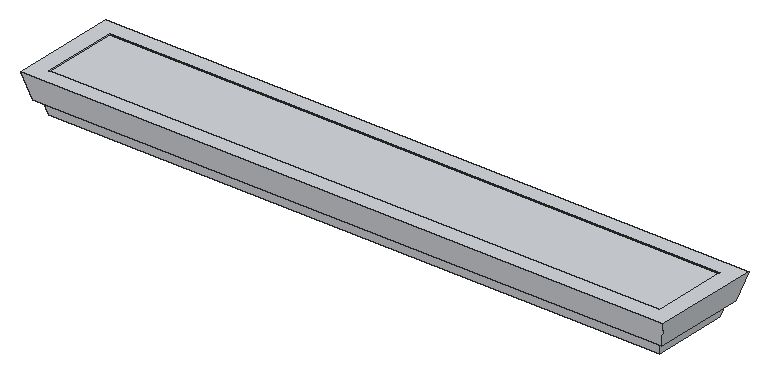
Revit family "EURS_63_LF_FB_FlexBlend SM340C L1200_PHI", category Lighting Fixtures, host Face, Revit 2016
Family settings
  Host = Face
  Part Type = Normal
  Round Connector Dimension = Use Diameter
  Cut with Voids When Loaded = No
  Light Source = No
  Shared = Yes
  Room Calculation Point = No
Parameters (values of type "Type catalog")
  Width = 200 mm
  Voltage (V) = 230 V
  Visibility 2D symbol [instance] = yes
  Visibility 2D outline rectangle [instance] = not(Visibility 2D symbol)  # no
  URL = "http://www.lighting.philips.com/main/home"
  Type Comments = "Face Based"
  Rim height = 5 mm
  Product catalog - URL = "MODEL WEBPAGE"
  Order code = "ORDER CODE"
  Model = "SM340C L1200"
  Manufacturer = "Philips"
  Light source = 2 mm
  Light loss factor = ""
  Length = 1200 mm
  Last IES update = "DATE"
  Lamp = "LAMP TYPE"
  Initial luminous flux (lm) = ""
  Init. Corr. Color Temperature (K) = ""
  Height = 73 mm
  Fixture code = "FIXTURE CODE"
  ETIM code URL = "https://prod.etim-international.com/Class/Details?classId=EC002892&classVersion=2"
  ETIM code = "EC002892"
  EOC = "EOC CODE"
  Description = "FlexBlend Surface Mounted"
  Default Elevation = 0 mm
  Content version = "1.0"
  Content modified date = "18-03-2020"
  Content creation date = "18-03-2020"
  Content Creator = "https://www.cadac.com/bimcontent"
  BIM Library - URL = "http://www.lighting.philips.com/main/support/support/revit-library#page=1"
  Armatuurcode [instance] = ""
  Apparent Load = 0 VA
  12NC = "12NC CODE"
Reference planes
  plane 1 "Center (Front/Back)": y = 0
  plane 2: z = 0
  plane 3 "Center (Left/Right)": x = 0
  plane 4: x = -600
  plane 5: y = -100
  plane 6: y = 100
  plane 7: x = 600
  plane 8: z = 73
  plane 9: z = 73
  plane 10: z = 26
Forms (mm)
  Extrusion 1, solid
    sketch origin (0, 0, 0) x (1, 0, 0) y (0, 1, 0)
      loop
        line (-600, -100) -> (600, -100) -> (600, 100) -> (-600, 100) -> (-600, -100)
    from 0 to 73
  Extrusion 2, void
    sketch origin (0, 0, 0) x (0, 1, 0) y (0, 0, 1)
      loop
        line (100, 73) -> (87.406, 26) -> (77.406, 26) -> (70.44, 0) -> (100, 0) -> (100, 73)
    from -600 to 600
  Extrusion 3, void
    sketch origin (0, 0, 0) x (0, -1, 0) y (0, 0, -1)
      loop
        line (100, -73) -> (100, 0) -> (70.44, 0) -> (77.406, -26) -> (87.406, -26) -> (100, -73)
    from -600 to 600
  Extrusion 4, void
    sketch origin (-500, 500, 0) x (-1, 0, 0) y (0, 0, 1)
      loop
        line (100, 73) -> (87.406, 26) -> (77.406, 26) -> (70.44, 0) -> (100, 0) -> (100, 73)
    from -600 to -400
  Extrusion 5, void
    sketch origin (500, 500, 0) x (1, 0, 0) y (0, 0, -1)
      loop
        line (100, -73) -> (100, 0) -> (70.44, 0) -> (77.406, -26) -> (87.406, -26) -> (100, -73)
    from -600 to -400
  Extrusion 6, void
    sketch origin (0, 0, 0) x (1, 0, 0) y (0, 1, 0)
      loop
        line (-570, 70.44) -> (-570, -70.44) -> (570.44, -70.44) -> (570.44, 70.44) -> (-570, 70.44)
    from 72 to 73
Cuts and joins
  Extrusion 2, Extrusion 3, Extrusion 4, Extrusion 5, Extrusion 6 cuts Extrusion 1
Dimensions and locks
  equal spacing: host sketch curve, plane 1 "Center (Front/Back)", host sketch curve
  equal spacing: host sketch curve, plane 3 "Center (Left/Right)", host sketch curve
  "Length": plane 4 to plane 7
  equal spacing: plane 4, plane 3 "Center (Left/Right)", plane 7
  equal spacing: plane 5, plane 1 "Center (Front/Back)", plane 6
  "Width": plane 5 to plane 6
  "Height": plane 8 to plane 2
  "Height": plane 9 to host face
  plane 4 to cut or joined group of Extrusion 1, Extrusion 2, Extrusion 3, Extrusion 4, Extrusion 5, Extrusion 6 = 30 mm
  locked: plane 4 to Extrusion 6 sketch curve at 30
  locked: cut or joined group of Extrusion 1, Extrusion 2, Extrusion 3, Extrusion 4, Extrusion 5, Extrusion 6 to plane 7 at 29.56
  aligned and locked: plane 2 to host face
  aligned and locked: level to host face
  aligned and locked: plane 7 to nested 1
  aligned and locked: plane 6 to nested 1
  aligned and locked: nested 1 to plane 5
  aligned and locked: nested 1 to plane 4
  aligned and locked: plane 9 to Extrusion 1
  aligned and locked: Extrusion 1 to plane 7
  aligned and locked: Extrusion 1 to plane 4
  aligned and locked: Extrusion 5 to plane 7
  aligned and locked: Extrusion 4 to plane 4
  aligned and locked: Extrusion 1 to Extrusion 4
  aligned and locked: Extrusion 2 to plane 4
  aligned and locked: Extrusion 3 to plane 4
  aligned and locked: Extrusion 3 to plane 7
  aligned and locked: Extrusion 2 to plane 7
Automatic sketch dimensions
  Extrusion 2 sketch curve to level = 0 mm
  Extrusion 2 sketch curve to plane 10 = 0 mm
  Extrusion 2 sketch curve to plane 6 = 0 mm
  Extrusion 2 sketch curve to plane 9 = 0 mm
  plane 6 to Extrusion 2 sketch curve = 12.594 mm
  Extrusion 2 sketch curve to Extrusion 2 sketch curve = 10 mm
  Extrusion 2 sketch curve to Extrusion 2 sketch curve = 6.967 mm
  Extrusion 3 sketch curve to level = 0 mm
  Extrusion 3 sketch curve to plane 10 = 0 mm
  Extrusion 3 sketch curve to plane 5 = 0 mm
  Extrusion 3 sketch curve to plane 9 = 0 mm
  Extrusion 3 sketch curve to plane 5 = 12.594 mm
  Extrusion 3 sketch curve to Extrusion 3 sketch curve = 10 mm
  Extrusion 3 sketch curve to Extrusion 3 sketch curve = 6.967 mm
  Extrusion 4 sketch curve to level = 0 mm
  Extrusion 4 sketch curve to plane 10 = 0 mm
  Extrusion 4 sketch curve to plane 4 = 0 mm
  Extrusion 4 sketch curve to plane 9 = 0 mm
  plane 4 to Extrusion 4 sketch curve = 12.594 mm
  Extrusion 4 sketch curve to Extrusion 4 sketch curve = 10 mm
  Extrusion 4 sketch curve to Extrusion 4 sketch curve = 6.967 mm
  Extrusion 5 sketch curve to level = 0 mm
  Extrusion 5 sketch curve to plane 10 = 0 mm
  plane 7 to Extrusion 5 sketch curve = 0 mm
  Extrusion 5 sketch curve to plane 9 = 0 mm
  plane 7 to Extrusion 5 sketch curve = 12.594 mm
  Extrusion 5 sketch curve to Extrusion 5 sketch curve = 10 mm
  Extrusion 5 sketch curve to Extrusion 5 sketch curve = 6.967 mm
  plane 7 to Extrusion 6 sketch curve = 29.56 mm
  plane 5 to Extrusion 6 sketch curve = 29.56 mm
  plane 6 to Extrusion 6 sketch curve = 29.56 mm
  Extrusion 1 sketch curve to plane 4 = 0 mm
  plane 6 to Extrusion 1 sketch curve = 0 mm
  Extrusion 1 sketch curve to plane 7 = 0 mm
  Extrusion 1 sketch curve to plane 5 = 0 mm
Nested families
  nested 1: "2D-PL-Rechthoekig" at (0, 0, 0), Width <- "Width", lengte <- "Length", visible <- "Visibility 2D outline rectangle", type "2D symbool"
    with lengte 1200 mm, Width 200 mm
  nested 2: "PL-TL armatuur plafond rechthoekig" at (0, 0, 0), visible <- "Visibility 2D symbol", lengte <- "Length", type "armatuur tl"
    with lengte 1200 mm, l1 1200 mm
Connectors
  electrical at (0, 0, 0), driven by "Apparent Load", driven by "Voltage (V)"
    settings: on host face, index 1, voltage 230 V, apparent load 0 VA, apparent load phase1 0 VA, apparent load phase2 0 VA, apparent load phase3 0 VA, power factor 1, load classification "Other", number of poles 1, system type 31, power factor state 1, is connector primary yes, connector utility no, sub classification motor no, connector description ""
Definition of nested family "2D-PL-Rechthoekig"
  Parameters (values of type "2D symbool")
    lengte [instance] = 1200 mm
    Width [instance] = 100 mm
    Type Comments = "GEEN CALCULATIEOBJECT"
    Manufacturer = ""
    Description = "Armatuur 2D symbool"
    Copyright © Cadac = "www.cadac.com/aec"
    Cadac content versie = ""
    Assembly Code = ""
  Reference planes
    plane 1 "Center (Front/Back)": y = 0
    plane 2: z = 0
    plane 3 "Center (Left/Right)": x = 0
    plane 4: y = 150
    plane 5: y = -150
    plane 6: y = 176.777
    plane 7: x = -176.777
    plane 8: x = 176.777
    plane 9: y = -176.777
    plane 10 "Cadac Group AEC": y = 0
    plane 11: y = 400
    plane 12: y = -191.421
    plane 13: y = -206.066
    plane 14: y = -220.711
    plane 15: y = -235.355
  Lines and regions (mm)
    symbolic lines
      curve 1: line (600, 50, 0) -> (600, -50, 0)
      curve 2: line (-600, 50, 0) -> (-600, -50, 0)
      curve 3: line (-600, 50, 0) -> (600, 50, 0)
      curve 4: line (-600, -50, 0) -> (600, -50, 0)
  Dimensions and locks
    equal spacing: curve 2, plane 3 "Center (Left/Right)", curve 1
    "lengte": curve 2 to curve 1
    equal spacing: plane 5, plane 1 "Center (Front/Back)", plane 4
    locked: plane 4 to plane 5 at 300
    equal spacing: curve 4, plane 1 "Center (Front/Back)", curve 3
    "Width": curve 4 to curve 3
    locked: plane 7 to plane 8 at 353.553
    locked: plane 6 to plane 9 at 353.553
    equal spacing: plane 7, plane 3 "Center (Left/Right)", plane 8
    equal spacing: plane 6, plane 1 "Center (Front/Back)", plane 9
    locked: plane 1 "Center (Front/Back)" to plane 11 at 400
    equal spacing: plane 9, plane 12, plane 13, plane 14, plane 15
    locked: plane 9 to plane 15 at 58.579
    aligned and locked: plane 10 "Cadac Group AEC" to plane 1 "Center (Front/Back)"
Definition of nested family "PL-TL armatuur plafond rechthoekig"
  Parameters (values of type "armatuur tl_generiek")
    radius cirkel = 75 mm
    lengte [instance] = 1200 mm
    l1 [instance] = 1200 mm
    b2 = b1 * 2  # 100 mm
    b1 = 50 mm
    Type Comments = "GEEN CALCULATIEOBJECT"  # constant formula
    Manufacturer = ""
    Length lines in cirkel = (radius cirkel * 2) - 70 mm  # 80 mm
    Description = "Armatuur TL"
    Copyright © Cadac = "www.cadac.com/aec"
    Cadac content versie = "3.2"  # constant formula
    Assembly Code = ""
  Types (2, lengths in mm): name | radius cirkel | b2 | b1 | Length lines in cirkel
    armatuur tl_generiek | 75 | 100 | 50 | 80
    armatuur tl | 125 | 200 | 100 | 180
  Reference planes
    plane 1 "Center (Front/Back)": y = 0
    plane 2: z = 0
    plane 3 "Center (Left/Right)": x = 0
    plane 4: y = 50
    plane 5: y = -50
    plane 6: y = 176.777
    plane 7: x = -40
    plane 8: x = 40
    plane 9: y = -176.777
    plane 10 "Cadac Group AEC": y = 0
    plane 11: y = 400
    plane 12: y = -191.421
    plane 13: y = -206.066
    plane 14: y = -220.711
    plane 15: y = -235.355
  Lines and regions (mm)
    symbolic lines
      curve 1: circle (0, 0, 0) r 75 normal (0, 0, 1)
      curve 2: line (600, 50, 0) -> (600, -50, 0)
      curve 3: line (600, -8.333, 0) -> (74.536, -8.333, 0)
      curve 4: line (600, 8.333, 0) -> (74.536, 8.333, 0)
      curve 5: line (600, 25, 0) -> (70.711, 25, 0)
      curve 6: line (600, -25, 0) -> (70.711, -25, 0)
      curve 7: line (-600, 50, 0) -> (-600, -50, 0)
      curve 8: line (-600, -8.333, 0) -> (-74.536, -8.333, 0)
      curve 9: line (-600, 8.333, 0) -> (-74.536, 8.333, 0)
      curve 10: line (-600, 25, 0) -> (-70.711, 25, 0)
      curve 11: line (-600, -25, 0) -> (-70.711, -25, 0)
      curve 12: line (-40, 63.443, 0) -> (40, -63.443, 0)
      curve 13: line (-40, -63.443, 0) -> (40, 63.443, 0)
  Dimensions and locks
    equal spacing: curve 7, plane 3 "Center (Left/Right)", curve 2
    "l1": curve 7 to curve 2
    equal spacing: plane 5, plane 1 "Center (Front/Back)", plane 4
    equal spacing: curve 5, curve 4, curve 3, curve 6
    equal spacing: curve 5, plane 1 "Center (Front/Back)", curve 6
    "b1": curve 5 to curve 6
    equal spacing: curve 11, curve 8, curve 9, curve 10
    equal spacing: curve 11, plane 1 "Center (Front/Back)", curve 10
    "b1": curve 11 to curve 10
    "Length lines in cirkel": plane 7 to plane 8
    locked: plane 6 to plane 9 at 353.553
    equal spacing: plane 7, plane 3 "Center (Left/Right)", plane 8
    equal spacing: plane 6, plane 1 "Center (Front/Back)", plane 9
    locked: plane 1 "Center (Front/Back)" to plane 11 at 400
    equal spacing: plane 9, plane 12, plane 13, plane 14, plane 15
    locked: plane 9 to plane 15 at 58.579
    "b2": plane 5 to plane 4
    "radius cirkel": radius of curve 1
    aligned and locked: plane 4 to curve 7
    aligned and locked: plane 4 to curve 2
    aligned and locked: plane 5 to curve 2
    aligned and locked: plane 5 to curve 7
    aligned and locked: plane 10 "Cadac Group AEC" to plane 1 "Center (Front/Back)"
    aligned and locked: plane 7 to curve 12
    aligned and locked: plane 7 to curve 13
    aligned and locked: plane 8 to curve 13
    aligned and locked: plane 8 to curve 12
  Automatic sketch dimensions
    plane 1 "Center (Front/Back)" to curve 1 = 0 mm
    curve 1 to plane 3 "Center (Left/Right)" = 0 mm
